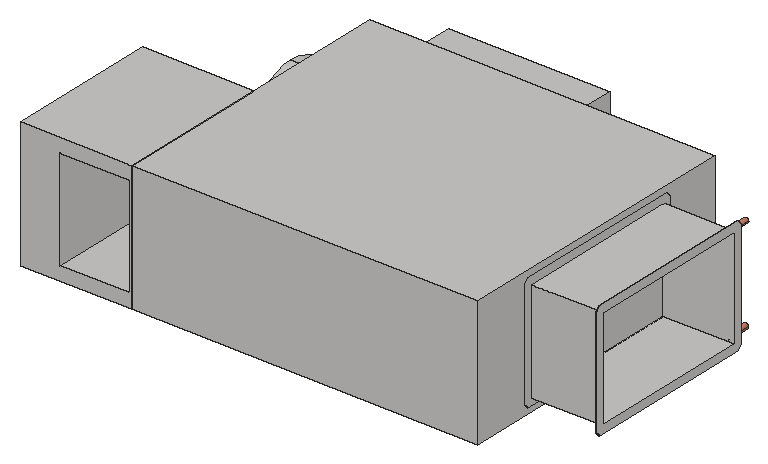
Revit family
Parameters
  Width = 3' - 1"
  Voltage = 277 V
  Unit Weight = if(and(Size Option = 1, Number of Rows = 1), "189.0 lbs", if(and(Size Option = 1, Number of Rows = 2), "192.0 lbs", if(and(Size Option = 2, Number of Rows = 1), "194.0 lbs", if(and(Size Option = 2, Number of Rows = 2), "197.0 lbs", "0"))))  # "189.0 lbs"
  UltraLoc Liner = Choose Liner Option = 3  # no
  URL = "http://www.titus-hvac.com/"
  UL = "181"
  Supply Air Flow [instance] = 0 CFM
  SteriLoc Liner = Choose Liner Option = 2  # no
  Size Option = 1
  Size C = Size Option = 2  # no
  Size B = Size Option = 1  # yes
  Secondary Material = Copper Connectors
  Primary Air Pressure Drop [instance] = 0.00 in-wg
  Primary Air Flow [instance] = 0 CFM
  Pressure [instance] = 0.00 psi
  Plenum Air Pressure Drop [instance] = 0.00 in-wg
  Plenum Air Flow [instance] = 0 CFM
  Outlet Width = 1' - 8 1/2"
  Outlet Height = 1' - 0 1/2"
  Number of Rows = 1
  Number of Poles = 1
  Nominal Width = Width + 0' 6 1/4"  # 3' - 7 1/4"
  Nominal Length = Length + 1' 1 7/8" + 0' 9"  # 5' - 5 7/8"
  Nominal Inlet Size = 1' - 0"
  Nominal Height = 1' - 4"
  NFPA = "90A"
  Motor Full Load Amps [instance] = 0.8 A
  Model = "DTFS-F"
  Min. Air Flow = 0 CFM
  Max. Air Flow = 2000 CFM
  Material = Galvanized Steel
  Manufacturer = "Titus"
  Length = 3' - 7"
  Juction Box Offset = 0' - 4 7/8"
  Inlet Diameter = Nominal Inlet Size - 0' 0 1/8"  # 0' - 11 7/8"
  Induced Air Inlet Width = 1' - 1 7/8"
  Induced Air Inlet Offset = (Height - Induced Air Inlet Connection Height) / 2  # 0' - 1 11/16"
  Induced Air Inlet Height = 1' - 7"
  Induced Air Inlet Connection Width = 0' - 8 3/4"
  Induced Air Inlet Connection Height = 1' - 0 5/8"
  Induced Air Filter = no
  Height = 1' - 4"
  Heating Total Capacity [instance] = 0 Btu/h
  Heating Entering Water Temp = 0 °F
  Half Outlet Connection Width = Outlet Width / 2  # 0' - 10 1/4"
  Half Outlet Connection Height = Outlet Height / 2  # 0' - 6 1/4"
  Half Height Start = -(Height / 2)  # -0' - 8"
  Half Height End = Height / 2  # 0' - 8"
  HWC Option = HWC Section : B-C - 1 Row
  HWC Connector Radius = 5/16"
  HP-Motor = "1/6"
  Gallons Per Minute [instance] = 0 GPM
  Frequency = 60 Hz
  Flange Offset = 0' - 1"
  Filter Size = "11\"x14\""
  Fiber Free Liner = Choose Liner Option = 1  # no
  Fan Disconnect Switch = no
  Duct Radius = Nominal Inlet Size / 2  # 0' - 6"
  Description = "Ultra Quiet Series Fan Powered Terminal Unit, Direct Digital Control, Pressure Independent"
  Connector Vertical Offset = 0' - 11 3/4"
  HWC Connector Length = 0' - 3"
  Connector Horizontal Offset = if(Number of Rows = 1, 0' 0", if(Number of Rows = 2, 0' 1", 0' 0"))  # 0' - 0"
  Connection Void Radius = Connection Radius - 0' 0 1/4"  # 0' - 5 11/16"
  Connection Radius = Inlet Diameter / 2  # 0' - 5 15/16"
  Choose Liner Option = 0
  CADworks URL = "www.CADworks.net"
  Assembly Code = "D3040100"
  Apparent Power [instance] = Voltage * Motor Full Load Amps  # 221.6 VA
  Air Inlet Offset = 0' - 8"
  1/2" Fiberglass Liner = Choose Liner Option = 0  # yes
  1" Fiberglass Liner = Choose Liner Option = 4  # no
Reference planes (in)
  plane 1 "Center (Front/Back)": y = 0
  plane 2: z = 0
  plane 3 "Center (Left/Right)": x = 3
  plane 4: x = -18.5
  plane 5: x = 24.5
  plane 6: x = -13.625
  plane 7: x = -21.875
  plane 8: z = 0
  plane 9: y = -18.5
  plane 10: y = 18.5
  plane 11: y = 10.5
  plane 12: z = 0
  plane 13: x = 33.5
  plane 14: x = 32.5
  plane 15: y = 13.25
  plane 16: y = 10.25
  plane 17: z = 5.875
  plane 18: z = -5.875
  plane 19: x = 32.5
  plane 20: y = 24.75
  plane 21: x = -32.375
  plane 22: z = 8
  plane 23: z = -8
Forms (in)
  Extrusion 1, solid, material "Galvanized Steel" <- "Material"
    sketch origin (0, 0, 0) x (1, 0, 0) y (0, 1, 0)
      loop
        line (-18.5, 18.5) -> (-18.5, -18.5) -> (24.5, -18.5) -> (24.5, 18.5) -> (-18.5, 18.5)
    from -8 <- "Half Height Start" to 8 <- "Half Height End"
  Extrusion 2, solid, material "Galvanized Steel" <- "Material"
    sketch origin (0, 0, 0) x (1, 0, 0) y (0, 1, 0)
      loop
        line (-32.375, 0.5) -> (-32.375, -18.5) -> (-18.5, -18.5) -> (-18.5, 0.5) -> (-32.375, 0.5)
    from -8 <- "Half Height Start" to 8 <- "Half Height End"
  Extrusion 3, void
    sketch origin (0, -18.5, 0) x (1, 0, 0) y (0, 0, -1)
      loop
        line (-18.75, 6.3125) -> (-27.5, 6.3125) -> (-27.5, -6.3125) -> (-18.75, -6.3125) -> (-18.75, 6.3125)
    from 0 to 16
  Extrusion 4, solid, material "Galvanized Steel" <- "Material"
    sketch origin (5, 0, 30) x (1, 0, 0) y (0, 1, 0)
      loop
        line (-18.625, 18.5) -> (1.375, 18.5) -> (1.375, 24.75) -> (-18.625, 24.75) -> (-18.625, 18.5)
    from -36 to -24
  Extrusion 5, solid, material "Galvanized Steel" <- "Material"
    sketch origin (-24.875, -2, 0) x (0, 0, -1) y (0, 1, 0)
      loop
        circle (0, 12.5) r 5.9375
    from 3 to 6.375
  Extrusion 6, void
    sketch origin (-24.875, 0, 0) x (0, 1, 0) y (0, 0, 1)
      loop
        circle (10.5, 0) r 5.6875
    from -4.24974 to 15.25
  Extrusion 7, void, detail levels fine
    sketch origin (33.5, -10.25, 6.25) x (0, 0, 1) y (0, -1, 0)
      loop
        line (-12.5, 0) -> (-12.5, -20.5) -> (0, -20.5) -> (0, 0) -> (-12.5, 0)
    from -0.0625 to 0
  Extrusion 8, solid, material "Copper Connectors" <- "Secondary Material", detail levels fine
    sketch origin (0, 0, 0) x (1, 0, 0) y (0, 0, 1)
      loop
        circle (32.5, 5.875) r 0.3125
    from -13.25 to -10.3125
  Extrusion 9, solid, material "Copper Connectors" <- "Secondary Material", detail levels fine
    sketch origin (0, 0, 0) x (1, 0, 0) y (0, 0, 1)
      loop
        circle (32.5, -5.875) r 0.3125
    from -13.25 to -10.3125
Cuts and joins
  Extrusion 3 cuts Extrusion 2
  Extrusion 6 cuts Extrusion 1
  Extrusion 6 cuts Extrusion 5
Dimensions and locks (in)
  "Length": plane 5 to plane 4
  equal spacing: plane 5, plane 3 "Center (Left/Right)", plane 4
  locked: Extrusion 4 to plane 6 at 0
  locked: Extrusion 4 to Extrusion 4 at 20
  "Juction Box Offset": plane 6 to plane 4
  locked: plane 4 to plane 7 at 3.375
  "Width": plane 9 to plane 10
  equal spacing: plane 9, plane 1 "Center (Front/Back)", plane 10
  locked: Extrusion 5 sketch curve to level at 0
  locked: Extrusion 5 sketch curve to plane 11 at 0
  locked: Extrusion 6 sketch curve to level at 0
  locked: Extrusion 6 sketch curve to plane 11 at 0
  locked: Extrusion 4 to Extrusion 4 at 6.25
  locked: Extrusion 4 to Extrusion 4 at 12
  equal spacing: Extrusion 4, plane 8, Extrusion 4
  "Air Inlet Offset": plane 10 to plane 11
  "Induced Air Inlet Height": cut or joined group of Extrusion 2, Extrusion 3 to cut or joined group of Extrusion 2, Extrusion 3
  locked: cut or joined group of Extrusion 5, Extrusion 6 to cut or joined group of Extrusion 5, Extrusion 6 at 3.375
  "Induced Air Inlet Connection Height": Extrusion 3 sketch curve to Extrusion 3 sketch curve
  "Induced Air Inlet Offset": Extrusion 3 sketch curve to cut or joined group of Extrusion 2, Extrusion 3
  "Induced Air Inlet Connection Width": Extrusion 3 sketch curve to Extrusion 3 sketch curve
  locked: Extrusion 3 sketch curve to cut or joined group of Extrusion 1, Extrusion 6 at 0.25
  locked: plane 5 to plane 13 at 9
  locked: plane 14 to plane 13 at 1
  locked: plane 17 to plane 18 at 11.75
  equal spacing: plane 17, plane 12, plane 18
  "Connector Horizontal Offset": plane 19 to plane 14
  "HWC Connector Length": plane 16 to plane 15
  locked: cut or joined group of Extrusion 2, Extrusion 3 to cut or joined group of Extrusion 2, Extrusion 3 at 16
  equal spacing: cut or joined group of Extrusion 2, Extrusion 3, plane 12, cut or joined group of Extrusion 2, Extrusion 3
  locked: cut or joined group of Extrusion 1, Extrusion 6 to cut or joined group of Extrusion 2, Extrusion 3 at 16
  equal spacing: cut or joined group of Extrusion 1, Extrusion 6, plane 12, cut or joined group of Extrusion 1, Extrusion 6
  locked: cut or joined group of Extrusion 2, Extrusion 3 to cut or joined group of Extrusion 2, Extrusion 3 at 13.875
  locked: nested 1 to cut or joined group of Extrusion 1, Extrusion 6 at 1.6875
  locked: cut or joined group of Extrusion 1, Extrusion 6 to nested 1 at 1.6875
  "Connection Radius": radius of Extrusion 5 sketch curve
  "Connection Void Radius": radius of Extrusion 6 sketch curve
  "HWC Connector Radius": radius of Extrusion 8 sketch curve
  "HWC Connector Radius": radius of Extrusion 9 sketch curve
  aligned and locked: plane 10 to Extrusion 4
  aligned and locked: plane 7 to cut or joined group of Extrusion 5, Extrusion 6
  aligned and locked: plane 9 to cut or joined group of Extrusion 2, Extrusion 3  (x3)
  aligned and locked: nested 1 to Extrusion 8
  aligned and locked: plane 15 to Extrusion 8
  aligned and locked: nested 1 to Extrusion 9
  aligned and locked: plane 15 to Extrusion 9
  aligned and locked: plane 5 to cut or joined group of Extrusion 1, Extrusion 6
  aligned and locked: cut or joined group of Extrusion 1, Extrusion 6 to plane 10
  aligned and locked: plane 9 to cut or joined group of Extrusion 1, Extrusion 6
  aligned and locked: cut or joined group of Extrusion 1, Extrusion 6 to plane 4
  aligned and locked: cut or joined group of Extrusion 1, Extrusion 6 to nested 1
  aligned and locked: cut or joined group of Extrusion 5, Extrusion 6 to cut or joined group of Extrusion 1, Extrusion 6
  aligned and locked: cut or joined group of Extrusion 2, Extrusion 3 to cut or joined group of Extrusion 1, Extrusion 6
  aligned and locked: plane 22 to cut or joined group of Extrusion 2, Extrusion 3
  aligned and locked: plane 22 to cut or joined group of Extrusion 1, Extrusion 6
  aligned and locked: plane 23 to cut or joined group of Extrusion 2, Extrusion 3
  aligned and locked: plane 23 to cut or joined group of Extrusion 1, Extrusion 6
  aligned and locked: plane 20 to Extrusion 4
  aligned and locked: plane 21 to cut or joined group of Extrusion 2, Extrusion 3
  aligned and locked: plane 13 to nested 1
Automatic sketch dimensions
  Extrusion 1 sketch curve to plane 4 = 0' - 0"
  Extrusion 1 sketch curve to plane 5 = 0' - 0"
  Extrusion 1 sketch curve to plane 9 = 0' - 0"
  Extrusion 1 sketch curve to plane 10 = 0' - 0"
  Extrusion 2 sketch curve to plane 4 = 0' - 0"
  Extrusion 2 sketch curve to plane 9 = 0' - 0"
  Extrusion 2 sketch curve to plane 1 "Center (Front/Back)" = 0' - 0 1/2"
  Extrusion 4 sketch curve to plane 6 = 0' - 0"
  Extrusion 4 sketch curve to plane 10 = 0' - 0"
  plane 3 "Center (Left/Right)" to Extrusion 4 sketch curve = 0' - 3 3/8"
  Extrusion 4 sketch curve to plane 10 = 0' - 6 1/4"
  Extrusion 2 sketch curve to plane 7 = 0' - 10 1/2"
  Extrusion 7 sketch curve to nested 1 = 0' - 0"  (x4)
  Extrusion 8 sketch curve to plane 17 = 0' - 0"
  Extrusion 8 sketch curve to plane 19 = 0' - 0"
  Extrusion 9 sketch curve to plane 14 = 0' - 0"
  Extrusion 9 sketch curve to plane 18 = 0' - 0"
Nested families (in)
  nested 1: "HWC Section" at (29, 0, 0) x (0, 1, 0) z (0, 0, 1), type <- "HWC Option", type "B-C - 1 Row"
Connectors (in)
  electrical at (-3.625, 24.75, 0), driven by "Apparent Power", driven by "Voltage", driven by "Number of Poles"
    settings: on Extrusion 4, index 8
  hvac at (-21.875, 10.5, 0), driven by "Duct Radius", driven by "Primary Air Pressure Drop", driven by "Primary Air Flow"
    settings: on cut or joined group of Extrusion 5, Extrusion 6, index 9
  hvac at (-23.125, -18.5, 0), driven by "Induced Air Inlet Connection Height", driven by "Induced Air Inlet Connection Width", driven by "Plenum Air Pressure Drop", driven by "Plenum Air Flow"
    settings: on cut or joined group of Extrusion 2, Extrusion 3, index 10
  hvac at (33.5, 0, 0), driven by "Outlet Height", driven by "Outlet Width", driven by "Supply Air Flow"
    settings: on Extrusion 7, index 11
  piping at (32.5, 13.25, 5.875), driven by "Gallons Per Minute", driven by "Pressure", driven by "HWC Connector Radius"
    settings: on Extrusion 8, index 12
  piping at (32.5, 13.25, -5.875), driven by "Gallons Per Minute", driven by "HWC Connector Radius", driven by "Pressure"
    settings: on Extrusion 9, index 13
Definition of nested family "HWC Section"
  Parameters (values of type "B-C - 1 Row")
    Visibility = yes
    Secondary Material = Copper Connectors
    Number of Rows = 1
    Material = Galvanized Steel
    Half Width = HWC Width / 2  # 0' - 10 1/4"
    Half Length-Start = -(HWC Length / 2)  # -0' - 4 1/2"
    Half Length-End = HWC Length / 2  # 0' - 4 1/2"
    HWC Connection Radius = 5/16"
    Flange Offset = 0' - 1"
    Duct Vertical Offset = HWC Height - 0' 0 1/2"  # 1' - 0"
    Duct Horizontal Offset = HWC Width - 0' 0 1/2"  # 1' - 8"
    Connector Vertical Offset = 0' - 11 3/4"
    HWC Width = 1' - 8 1/2"
    HWC Height = 1' - 0 1/2"
    HWC Length = 0' - 9"  # constant formula
    Gallons Per Minute = 0 GPM
    Connector Length = 0' - 3"
    Connector Horizontal Offset = 0' - 0"
  Types (5): name | Number of Rows | Half Width | Flange Offset | Duct Vertical Offset | Duct Horizontal Offset | Connector Vertical Offset | HWC Width | HWC Height | Connector Horizontal Offset
    (no name) | 1 | 0' - 10 1/4" | 0' - 1" | 1' - 0" | 1' - 8" | 0' - 11 3/4" | 1' - 8 1/2" | 1' - 0 1/2" | 0' - 0"
    B-C - 1 Row | 1 | 0' - 10 1/4" | 0' - 1" | 1' - 0" | 1' - 8" | 0' - 11 3/4" | 1' - 8 1/2" | 1' - 0 1/2" | 0' - 0"
    B-C - 2 Row | 2 | 0' - 10 1/4" | 0' - 1" | 1' - 0" | 1' - 8" | 0' - 11 3/4" | 1' - 8 1/2" | 1' - 0 1/2" | 0' - 1"
    D-E - 1 Row | 1 | 1' - 0 1/2" | 0' - 1 1/4" | 1' - 5" | 2' - 0 1/2" | 1' - 4 1/4" | 2' - 1" | 1' - 5 1/2" | 0' - 0"
    D-E - 2 Row | 2 | 1' - 0 1/2" | 0' - 1 1/4" | 1' - 5" | 2' - 0 1/2" | 1' - 4 3/4" | 2' - 1" | 1' - 5 1/2" | 0' - 1"
  Reference planes (in)
    plane 1 "Center (Front/Back)": y = 0
    plane 2: z = 0
    plane 3 "Center (Left/Right)": x = 0
    plane 4: x = -10.25
    plane 5: x = 10.25
    plane 6: y = 4.5
    plane 7: y = -4.5
    plane 8: z = 6.25
    plane 9: z = -6.25
    plane 10: z = 5.875
    plane 11: z = -5.875
    plane 12: y = 3.5
    plane 13: y = 3.5
    plane 14: x = 13.25
  Forms (in)
    Extrusion 1, solid, material "Galvanized Steel" <- "Material", visible <- "Visibility"
      sketch origin (0, 0, 0) x (1, 0, 0) y (0, 0, 1)
        loop
          line (-10.3125, 6.3125) -> (-10.3125, -6.3125) -> (10.3125, -6.3125) -> (10.3125, 6.3125) -> (-10.3125, 6.3125)
      from -4.375 <- "Half Length-Start" to 4.5 <- "Half Length-End"
    Extrusion 2, void, detail levels fine
      sketch origin (0, 0, 0) x (1, 0, 0) y (0, 0, 1)
        loop
          line (-10.25, -6.25) -> (10.25, -6.25) -> (10.25, 6.25) -> (-10.25, 6.25) -> (-10.25, -6.25)
      from -4.5 <- "Half Length-Start" to 4.5 <- "Half Length-End"
    Extrusion 3, solid, material "Copper Connectors" <- "Secondary Material", visible <- "Visibility"
      sketch origin (6, 2.625, 0) x (0, 1, 0) y (0, 0, 1)
        loop
          circle (0.875, -5.875) r 0.3125
      from 4.3125 to 7.25
    Extrusion 4, solid, material "Galvanized Steel" <- "Material", visible <- "Visibility"
      sketch origin (0, -4.375, 0) x (1, 0, 0) y (0, 0, 1)
        loop
          line (-10.25, 6.25) -> (-10.25, -6.25) -> (10.25, -6.25) -> (10.25, 6.25) -> (-10.25, 6.25)
        loop
          line (-11.25, 6.75) -> (-11.25, -6.75) -> (-10.75, -7.25) -> (10.75, -7.25) -> (11.25, -6.75) -> (11.25, 6.75) -> (10.75, 7.25) -> (-10.75, 7.25) -> (-11.25, 6.75)
      from 0 to 0.125
    Extrusion 5, solid, material "Copper Connectors" <- "Secondary Material", visible <- "Visibility"
      sketch origin (6, -0.5, 0) x (0, 1, 0) y (0, 0, 1)
        loop
          circle (4, 5.875) r 0.3125
      from 4.3125 to 7.25
    Extrusion 6, solid, material "Galvanized Steel" <- "Material", visible <- "Visibility"
      sketch origin (0, 4.375, 0) x (1, 0, 0) y (0, 0, -1)
        loop
          line (-10.25, -6.25) -> (10.25, -6.25) -> (10.25, 6.25) -> (-10.25, 6.25) -> (-10.25, -6.25)
        loop
          line (-11.25, -6.75) -> (-10.75, -7.25) -> (10.75, -7.25) -> (11.25, -6.75) -> (11.25, 6.75) -> (10.75, 7.25) -> (-10.75, 7.25) -> (-11.25, 6.75) -> (-11.25, -6.75)
      from 0 to 0.125
  Cuts and joins
    Extrusion 2 cuts Extrusion 1
    joined: Extrusion 1, Extrusion 4, Extrusion 6
  Dimensions and locks (in)
    "HWC Width": plane 4 to plane 5
    equal spacing: plane 4, plane 3 "Center (Left/Right)", plane 5
    "HWC Height": plane 8 to plane 9
    equal spacing: plane 8, plane 2, plane 9
    equal spacing: plane 10, plane 2, plane 11
    locked: plane 12 to plane 6 at 1
    "Connector Horizontal Offset": plane 13 to plane 12
    locked: plane 7 to Extrusion 4 at 0.125
    locked: Extrusion 6 to plane 6 at 0.125
    locked: plane 4 to Extrusion 1 sketch curve at 0.0625
    locked: Extrusion 4 to Extrusion 1 sketch curve at 0.0625
    locked: Extrusion 1 sketch curve to plane 8 at 0.0625
    locked: plane 9 to Extrusion 1 sketch curve at 0.0625
    "Connector Length": plane 5 to plane 14
    "HWC Length": plane 6 to plane 7
    equal spacing: plane 6, plane 1 "Center (Front/Back)", plane 7
    "Connector Vertical Offset": plane 10 to plane 11
    equal spacing: plane 10, level, plane 11
    "HWC Width": Extrusion 4 sketch curve to Extrusion 4 sketch curve
    equal spacing: Extrusion 4 sketch curve, plane 3 "Center (Left/Right)", Extrusion 4 sketch curve
    "HWC Height": Extrusion 4 sketch curve to Extrusion 4 sketch curve
    equal spacing: Extrusion 4 sketch curve, plane 2, Extrusion 4 sketch curve
    "Flange Offset": cut or joined group of Extrusion 1, Extrusion 2, Extrusion 4, Extrusion 6 to plane 8
    "Flange Offset": plane 9 to cut or joined group of Extrusion 1, Extrusion 2, Extrusion 4, Extrusion 6
    locked: cut or joined group of Extrusion 1, Extrusion 2, Extrusion 4, Extrusion 6 to plane 4 at 1  (x2)
    locked: cut or joined group of Extrusion 1, Extrusion 2, Extrusion 4, Extrusion 6 to plane 5 at 1  (x2)
    "HWC Width": Extrusion 6 sketch curve to Extrusion 6 sketch curve
    "HWC Height": Extrusion 6 sketch curve to Extrusion 6 sketch curve
    equal spacing: Extrusion 6 sketch curve, plane 3 "Center (Left/Right)", Extrusion 6 sketch curve
    equal spacing: Extrusion 6 sketch curve, plane 2, Extrusion 6 sketch curve
    "HWC Height": Extrusion 2 sketch curve to Extrusion 2 sketch curve
    "HWC Width": Extrusion 2 sketch curve to Extrusion 2 sketch curve
    equal spacing: Extrusion 2 sketch curve, plane 3 "Center (Left/Right)", Extrusion 2 sketch curve
    equal spacing: Extrusion 2 sketch curve, plane 2, Extrusion 2 sketch curve
    locked: plane 5 to Extrusion 3 at 0.0625
    locked: plane 5 to Extrusion 5 at 0.0625
    "Flange Offset": Extrusion 6 sketch curve to plane 8  (x2)
    "Flange Offset": plane 9 to Extrusion 6 sketch curve  (x2)
    "HWC Connection Radius": radius of Extrusion 3 sketch curve
    "HWC Connection Radius": radius of Extrusion 5 sketch curve
    aligned and locked: plane 7 to Extrusion 4
    aligned and locked: plane 6 to Extrusion 6
    aligned and locked: plane 14 to Extrusion 5
    aligned and locked: plane 14 to Extrusion 3
    aligned and locked: Extrusion 6 to cut or joined group of Extrusion 1, Extrusion 2, Extrusion 4, Extrusion 6
    aligned and locked: Extrusion 4 to Extrusion 4
  Automatic sketch dimensions
    Extrusion 3 sketch curve to plane 11 = 0' - 0"
    Extrusion 3 sketch curve to plane 12 = 0' - 0"
    plane 4 to Extrusion 4 sketch curve = 0' - 1"
    plane 4 to Extrusion 4 sketch curve = 0' - 0 1/2"  (x2)
    Extrusion 4 sketch curve to plane 5 = 0' - 0 1/2"  (x2)
    Extrusion 4 sketch curve to Extrusion 4 sketch curve = 0' - 0 1/2"  (x3)
    Extrusion 4 sketch curve to plane 9 = 0' - 0 1/2"  (x2)
    plane 8 to Extrusion 4 sketch curve = 0' - 0 1/2"  (x2)
    Extrusion 5 sketch curve to plane 10 = 0' - 0"
    Extrusion 5 sketch curve to plane 13 = 0' - 0"
    plane 4 to Extrusion 6 sketch curve = 0' - 1"
    plane 4 to Extrusion 6 sketch curve = 0' - 0 1/2"  (x2)
    Extrusion 6 sketch curve to plane 5 = 0' - 0 1/2"  (x2)
    Extrusion 6 sketch curve to Extrusion 6 sketch curve = 0' - 0 1/2"  (x2)
    plane 8 to Extrusion 6 sketch curve = 0' - 0 1/2"  (x2)
    Extrusion 6 sketch curve to plane 9 = 0' - 0 1/2"
